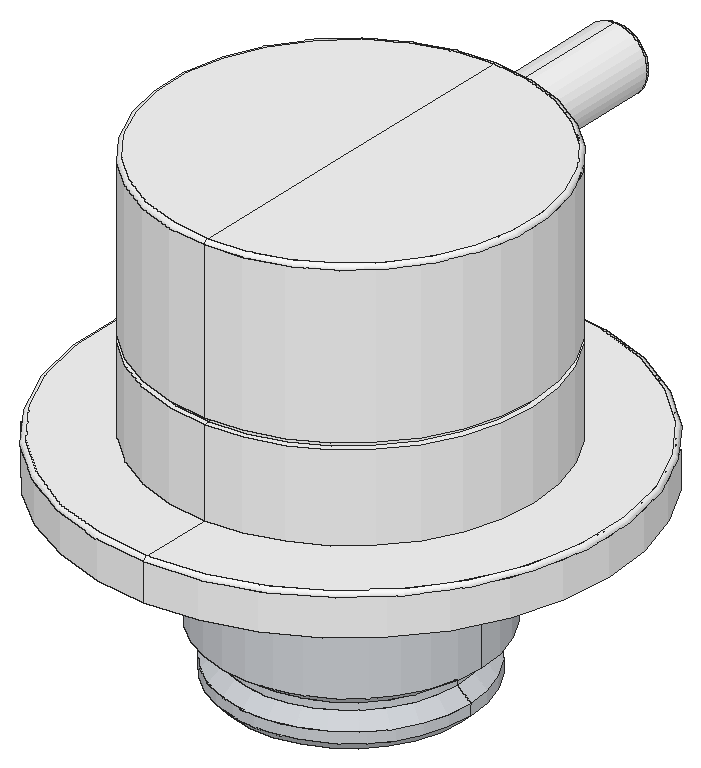
Revit family "Reece_Tap_Sussex_Scala_Diverter", category Plumbing Fixtures, host Face, Revit 2018
Family settings
  Host = Face
  Round Connector Dimension = Use Diameter
  Part Type = Normal
  Cut with Voids When Loaded = No
  Shared = Yes
  Room Calculation Point = Yes
Parameters (values of type "Chrome")
  WFU = 0  # constant formula
  URL = "https://www.reece.com.au/product/-2262912"
  Type Comments = "Tap"
  Reece_Tap_Inlet = 12 mm  # constant formula
  Reece_Product_Web Page = "https://www.reece.com.au/product/-2262912"
  Reece_Product_Type = "Tap"  # constant formula
  Reece_Product_Sub Brand = "Scala"  # constant formula
  Reece_Product_Number = "2262912"
  Reece_Product_Mount = "Wall Mounted"
  Reece_Product_Description = "Sussex Scala Diverter Only Chrome"
  Reece_Product_Brand = "Sussex"  # constant formula
  Reece_Overall_Projection = 36 mm  # constant formula
  Reece_Overall_Length = 64 mm  # constant formula
  Reece_Overall_Diameter = 64 mm  # constant formula
  Reece_Material_Main = Reece_Brass_Chrome
  Reece_Detail_Disclaimer = "THIS FILE IS THE PROPERTY OF THE REECE GROUP. IT MAY NOT BE REPRODUCED, REVERSE-ENGINEERED OR MODIFIED. ANY REPUBLICATION, TRANSMISSION OR DISTRIBUTION FOR THE PURPOSE OF COMMERCIALLY EXPLOITING THE FILES IS PROHIBITED."  # constant formula
  Reece_Detail_Additional = "Diverter"  # constant formula
  Model = "Scala"
  Manufacturer = "Sussex"
  Keynote = "Product #2262912, Reece_Tap_Sussex_Scala_Diverter - Chrome"
  HWFU = 0  # constant formula
  Disclaimer = "THIS FILE IS THE PROPERTY OF THE REECE GROUP. IT MAY NOT BE REPRODUCED, REVERSE-ENGINEERED OR MODIFIED. ANY REPUBLICATION, TRANSMISSION OR DISTRIBUTION FOR THE PURPOSE OF COMMERCIALLY EXPLOITING THE FILES IS PROHIBITED."  # constant formula
  Description = "Scala Diverter Only Chrome"
  Default Elevation = 1000 mm
  CWFU = 0  # constant formula
Types (4, lengths in mm): name | URL | Reece_Product_Web Page | Reece_Product_Number | Reece_Product_Description | Reece_Material_Main | Keynote | Description
  Chrome | "https://www.reece.com.au/product/-2262912" | "https://www.reece.com.au/product/-2262912" | "2262912" | "Sussex Scala Diverter Only Chrome" | Reece_Brass_Chrome | "Product #2262912, Reece_Tap_Sussex_Scala_Diverter - Chrome" | "Scala Diverter Only Chrome"
  Living Brushed Brass | "https://www.reece.com.au/product/-2263429" | "https://www.reece.com.au/product/-2263429" | "2263429" | "Sussex Scala Diverter Only Living Brushed Brass" | Reece_Brass_Living Brushed | "Product #2263429, Reece_Tap_Sussex_Scala_Diverter - Living Brushed Brass" | "Scala Diverter Only Living Brushed Brass"
  PVD Brushed Platinum Gold | "https://www.reece.com.au/product/-2268205" | "https://www.reece.com.au/product/-2268205" | "2268205" | "Sussex Scala Diverter Only LUX PVD Brushed Platinum Gold" | Reece_PVD_Brushed_Platinum Gold | "Product #2268205, Reece_Tap_Sussex_Scala_Diverter - PVD Brushed Platinum Gold" | "Scala Diverter Only LUX PVD Brushed Platinum Gold"
  Matte Black | "https://www.reece.com.au/product/-2263428" | "https://www.reece.com.au/product/-2263428" | "2263428" | "Sussex Scala Diverter Only Matte Black" | Reece_Brass_Matte Black | "Product #2263428, Reece_Tap_Sussex_Scala_Diverter - Matte Black" | "Scala Diverter Only Matte Black"
Reference planes
  plane 1 "Center (Front/Back)": y = 0
  plane 2 "Bottom": z = 0
  plane 3 "Center (Left/Right)": x = 0
  plane 4 "Top": z = 36
  plane 5: y = 41.358
  plane 6: y = -22.642
  plane 7: x = -32
  plane 8: x = 32
  plane 9: z = 28.3
  plane 10: y = 22.377
  plane 11: x = -22.642
  plane 12: x = 22.642
  plane 13: z = 4.97
Forms (mm)
  Revolve 1, solid, material "Reece_Brass_Chrome" <- "Reece_Material_Main"
    sketch origin (0, 0, 0) x (0, 1, 0) y (0, 0, 1)
      loop
        arc (-31.497, 4.97) -> (-31.853, 4.823) -> (-32, 4.468) r 0.503
        line (-32, 4.468) -> (-32, 0) -> (-21.842, 0) -> (-21.842, 2.044) -> (0, 2.044) -> (0, 36) -> (-22.142, 36)
        arc (-22.142, 36) -> (-22.496, 35.854) -> (-22.642, 35.5) r 0.5
        line (-22.642, 35.5) -> (-22.642, 16.387) -> (-21.842, 16.387) -> (-21.842, 15.595) -> (-22.642, 15.595) -> (-22.642, 4.97) -> (-31.497, 4.97)
      axis (0, 36) -> (0, 0)
    angle from 0 to 360
  Revolve 2, solid, material "Reece_Brass_Chrome" <- "Reece_Material_Main"
    sketch origin (0, 0, -2.279) x (0, -1, 0) y (0, 0, 1)
      loop
        line (0, 30.579) -> (0, 34.579) -> (-25.156, 34.579) -> (-40.845, 34.579)
        arc (-40.845, 34.579) -> (-41.204, 34.43) -> (-41.353, 34.07) r 0.508
        line (-41.353, 34.07) -> (-41.353, 30.579) -> (0, 30.579)
      axis (0, 30.579) -> (-41.353, 30.579)
    angle from 0 to 360
  Extrusion 3, void
    sketch origin (0, 0, 0) x (1, 0, 0) y (0, 1, 0)
      loop
        circle (0, 0) r 25
    from 0 to -62.233
  Revolve 4, solid
    sketch origin (0, 0, 0) x (1, 0, 0) y (0, 0, 1)
      loop
        line (0, 2.001) -> (-20.875, 2.001) -> (-20.16, 1.501) -> (-20.875, 1.001) -> (-20.16, 0.5) -> (-20.875, 0) -> (-20.16, -0.5) -> (-20.875, -1.001) -> (-20.16, -1.501) -> (-20.811, -1.956) -> (-20.117, -2.442) -> (-20.875, -2.973) -> (-20.16, -3.473) -> (-20.811, -3.929) -> (-20.169, -4.379) -> (-16.216, -4.379) -> (-16.216, -15.603) -> (-13.27, -17.666) -> (-13.27, -18.51) -> (-14.827, -20.067) -> (-14.827, -21.403) -> (-13.73, -22.5) -> (0, -22.5) -> (0, 2.001)
      axis (0, 2.001) -> (0, -22.5)
    angle from 0 to 360
Cuts and joins
  joined: Revolve 1, Revolve 2
Text (mm)
  text "Reece Copyright © 2018, Reece Ltd." at (-439.832, -199.24, 0), in view "Ref. Level"
  text "Reece ©" at (44.384, 258.95, 192.345), in view "Reece Preview"
Dimensions and locks
  Revolve 2 sketch curve to Revolve 2 sketch curve = 41.353 mm
  plane 6 to plane 5 = 64 mm
  "Reece_Overall_Projection": plane 4 "Top" to plane 2 "Bottom"
  "Reece_Overall_Length": plane 5 to plane 6
  plane 10 to plane 6 = 45.019 mm
  plane 11 to plane 12 = 45.284 mm
  plane 7 to plane 8 = 64 mm
  plane 4 "Top" to plane 2 "Bottom" = 36 mm
  plane 2 "Bottom" to plane 13 = 4.97 mm
  "Reece_Overall_Diameter": plane 7 to plane 8
  cut or joined group of Revolve 1, Revolve 2 to cut or joined group of Revolve 1, Revolve 2 = 8 mm
  aligned and locked: plane 2 "Bottom" to host face
  aligned and locked: level to host face
Automatic sketch dimensions
  host sketch curve to host sketch curve = 380.785 mm
  host sketch curve to host sketch curve = 317.421 mm
  plane 9 to Revolve 2 sketch curve = 0 mm  (x2)
  Revolve 2 sketch curve to plane 1 "Center (Front/Back)" = 0 mm  (x2)
  Revolve 2 sketch curve to plane 5 = 0.513 mm
  Revolve 2 sketch curve to plane 10 = 2.778 mm
  Revolve 2 sketch curve to Revolve 2 sketch curve = 3.492 mm
  plane 5 to Revolve 2 sketch curve = 13.642 mm
  plane 1 "Center (Front/Back)" to Extrusion 3 sketch curve = 0 mm
  Extrusion 3 sketch curve to plane 3 "Center (Left/Right)" = 0 mm
  Revolve 4 sketch curve to level = 0 mm  (x2)
  Revolve 4 sketch curve to plane 3 "Center (Left/Right)" = 0 mm  (x2)
  Revolve 4 sketch curve to plane 11 = 9.372 mm
  Revolve 4 sketch curve to Revolve 4 sketch curve = 0.46 mm
  Revolve 4 sketch curve to Revolve 4 sketch curve = 1.097 mm  (x2)
  Revolve 4 sketch curve to plane 11 = 6.426 mm
  Revolve 4 sketch curve to level = 2.442 mm
  Revolve 4 sketch curve to Revolve 4 sketch curve = 3.901 mm
  Revolve 4 sketch curve to Revolve 4 sketch curve = 0.043 mm  (x2)
  Revolve 4 sketch curve to level = 1.501 mm
  Revolve 4 sketch curve to level = 0.5 mm
  Revolve 4 sketch curve to Revolve 4 sketch curve = 0 mm  (x3)
  level to Revolve 4 sketch curve = 1.501 mm
  level to Revolve 4 sketch curve = 0.5 mm
  Revolve 4 sketch curve to Revolve 4 sketch curve = 3.953 mm
  Revolve 4 sketch curve to level = 1.956 mm
  Revolve 4 sketch curve to Revolve 4 sketch curve = 0.65 mm
  Revolve 4 sketch curve to Revolve 4 sketch curve = 0.642 mm
  Revolve 4 sketch curve to Revolve 4 sketch curve = 0.715 mm  (x5)
  Revolve 4 sketch curve to level = 1.001 mm
  level to Revolve 4 sketch curve = 1.001 mm
  Revolve 4 sketch curve to Revolve 4 sketch curve = 0.531 mm
  Revolve 4 sketch curve to Revolve 4 sketch curve = 0.5 mm  (x2)
  Revolve 4 sketch curve to Revolve 4 sketch curve = 0.455 mm
  Revolve 4 sketch curve to Revolve 4 sketch curve = 0.905 mm
  Revolve 4 sketch curve to Revolve 4 sketch curve = 11.225 mm
  Revolve 4 sketch curve to Revolve 4 sketch curve = 1.557 mm
  Revolve 4 sketch curve to Revolve 4 sketch curve = 1.336 mm
  Revolve 4 sketch curve to Revolve 4 sketch curve = 2.063 mm
  Revolve 4 sketch curve to Revolve 4 sketch curve = 7.443 mm
  Revolve 4 sketch curve to Revolve 4 sketch curve = 0.844 mm
  Revolve 1 sketch curve to plane 13 = 0 mm
  Revolve 1 sketch curve to plane 6 = 0 mm  (x2)
  Revolve 1 sketch curve to plane 4 "Top" = 0 mm
  Revolve 1 sketch curve to plane 1 "Center (Front/Back)" = 0 mm  (x2)
  level to Revolve 1 sketch curve = 0 mm  (x2)
  Revolve 1 sketch curve to Revolve 1 sketch curve = 0.503 mm
  Revolve 1 sketch curve to plane 4 "Top" = 0.5 mm
  Revolve 1 sketch curve to plane 6 = 0.8 mm  (x2)
  Revolve 1 sketch curve to Revolve 1 sketch curve = 2.044 mm
  Revolve 1 sketch curve to Revolve 1 sketch curve = 10.625 mm
  Revolve 1 sketch curve to Revolve 1 sketch curve = 0.792 mm
  Revolve 1 sketch curve to Revolve 1 sketch curve = 10.194 mm
  plane 6 to Revolve 1 sketch curve = 8.855 mm
  radius of Extrusion 3 sketch curve = 25 mm
Connectors
  piping at (0, 0, -22.5), diameter 12, driven by "Reece_Tap_Inlet"
    settings: on Revolve 4, index 1, connector inside diameter 609.6 mm, connector length 0 mm, flow factor 0, pipe flow 0.0 L/s, pressure drop 0.0 Pa, fitting loss kfactor 0, connector angle 0.00°, fixture units 0, engagement length 0 mm, angle of deflection 0.00°, flow configuration 0, flow direction 1, fitting loss method 0, system type 29, joint type 0, gender type 0, connector reference index -1, connector utility 0, adjustable connector no, is connector primary yes, connector description ""
